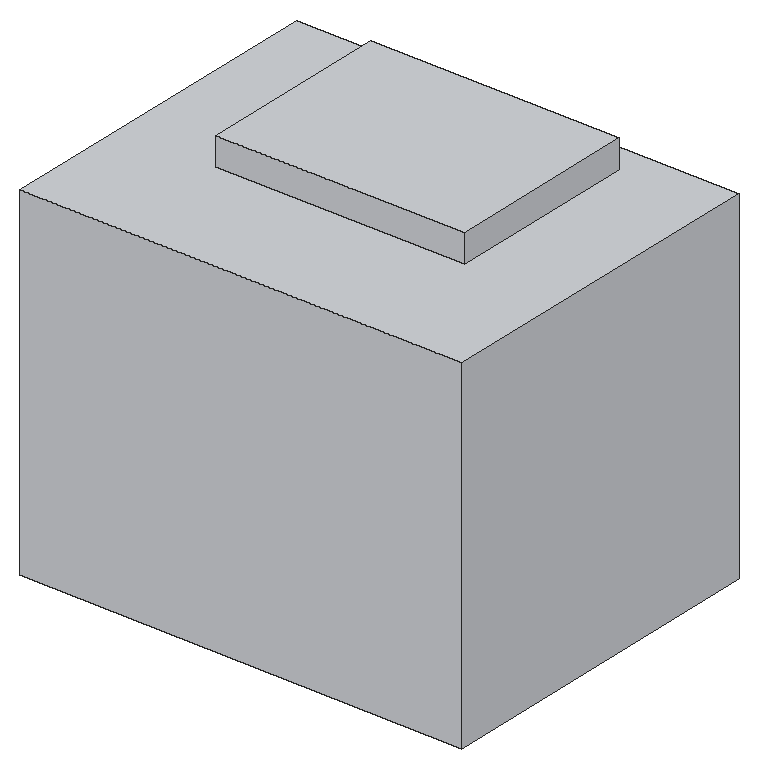
Revit family "M_Caixa de mistura AHU - Economizador", category Equipamento mecânico, Revit 2019
Family settings
  Cota do conector redondo = Utilizar diâmetro
  Tipo de parte = Normal
  Número OmniClass = 23.75.35.14
  Título OmniClass = Air Handling Units
  ID de item do Seek = AHU Mixing Box - Economizer-0000-CAN-ENU
  Com base no plano de trabalho = Não
  Sempre na vertical = Sim
  Corte com vazios quando carregada = Não
  Compartilhado = Não
  Ponto de cálculo do ambiente = Não
Parameters (values of type "Para 0,3 metros quadrados de serpentina")
  Largura 1 = 50.8 mm
  Largura de saída do ar de fornecimento [instance] = 800 mm
  Altura de saída do ar de fornecimento [instance] = 625 mm
  Fluxo de saída do ar de fornecimento [instance] = 849.0 L/s
  Largura da saída do ar de retorno [instance] = 800 mm
  Altura da saída do ar de retorno [instance] = 625 mm
  Fluxo da saída do ar de retorno [instance] = 680.0 L/s
  Largura da entrada de ar fresco [instance] = 450 mm
  Altura da entrada de ar fresco [instance] = 350 mm
  Fluxo da entrada de ar fresco [instance] = 170.0 L/s
  Largura do economizador = 625 mm
  Material do economizador = none
  Comprimento do economizador = 800 mm
  Altura do economizador = 625 mm
  Queda de pressão do ar [instance] = 187.0 Pa
Types (17, lengths in mm): name | Largura 1 | Largura de saída do ar de fornecimento | Altura de saída do ar de fornecimento | Fluxo de saída do ar de fornecimento | Largura da saída do ar de retorno | Altura da saída do ar de retorno | Fluxo da saída do ar de retorno | Largura da entrada de ar fresco | Altura da entrada de ar fresco | Fluxo da entrada de ar fresco | Largura do economizador | Comprimento do economizador | Altura do economizador
  (no name) | 50.8 | 800 | 625 | 849.0 L/s | 800 | 625 | 680.0 L/s | 450 | 350 | 170.0 L/s | 625 | 800 | 625
  Para 0,3 metros quadrados de serpentina | 50.8 | 800 | 625 | 849.0 L/s | 800 | 625 | 680.0 L/s | 450 | 350 | 170.0 L/s | 625 | 800 | 625
  Para 9,3 metros quadrados de serpentina | 101.6 | 3850 | 3000 | 28300.0 L/s | 3850 | 3000 | 22700.0 L/s | 3700 | 1350 | 5660.0 L/s | 1500 | 3850 | 3000
  Para 0,6 metros quadrados de serpentina | 76.2 | 1100 | 700 | 1700.0 L/s | 1100 | 700 | 1360.0 L/s | 800 | 350 | 340.0 L/s | 700 | 1100 | 700
  Para 0,7 metros quadrados de serpentina | 101.6 | 1200 | 800 | 2270.0 L/s | 1200 | 800 | 1810.0 L/s | 850 | 350 | 453.0 L/s | 800 | 1200 | 800
  Para 0,9 metros quadrados de serpentina | 101.6 | 1500 | 850 | 2830.0 L/s | 1500 | 850 | 2270.0 L/s | 1400 | 500 | 566.0 L/s | 850 | 1500 | 850
  Para 1,1 metros quadrados de serpentina | 101.6 | 1600 | 950 | 3400.0 L/s | 1600 | 950 | 2700.0 L/s | 1500 | 500 | 680.0 L/s | 850 | 1600 | 950
  Para 1,3 metros quadrados de serpentina | 101.6 | 1700 | 1000 | 3960.0 L/s | 1700 | 1000 | 3170.0 L/s | 1600 | 500 | 793.0 L/s | 850 | 1700 | 1000
  Para 1,6 metros quadrados de serpentina | 101.6 | 1850 | 1100 | 4810.0 L/s | 1850 | 1100 | 3850.0 L/s | 1750 | 650 | 963.0 L/s | 850 | 1850 | 1110
  Para 2,0 metros quadrados de serpentina | 50.8 | 1900 | 1250 | 5950.0 L/s | 1900 | 1250 | 4760.0 L/s | 1800 | 750 | 1190.0 L/s | 850 | 1900 | 1250
  Para 2,3 metros quadrados de serpentina | 101.6 | 1950 | 1400 | 7080.0 L/s | 1950 | 1400 | 5660.0 L/s | 1800 | 800 | 1420.0 L/s | 1000 | 1950 | 1400
  Para 2,8 metros quadrados de serpentina | 101.6 | 2300 | 1400 | 8500.0 L/s | 2300 | 1400 | 6800.0 L/s | 2150 | 800 | 1700.0 L/s | 1000 | 2300 | 1400
  Para 3,3 metros quadrados de serpentina | 101.6 | 2400 | 1550 | 9910.0 L/s | 2400 | 1500 | 7930.0 L/s | 2250 | 900 | 1980.0 L/s | 1200 | 2400 | 1550
  Para 3,7 metros quadrados de serpentina | 101.6 | 2750 | 1550 | 11300.0 L/s | 2750 | 1550 | 9060.0 L/s | 2500 | 900 | 2270.0 L/s | 1200 | 2750 | 1550
  Para 4,6 metros quadrados de serpentina | 101.6 | 3000 | 1850 | 14200.0 L/s | 3000 | 1850 | 11300.0 L/s | 2850 | 900 | 2830.0 L/s | 1200 | 3000 | 1850
  Para 6,1 metros quadrados de serpentina | 101.6 | 3500 | 2300 | 18690.0 L/s | 350 | 2330 | 15000.0 L/s | 3300 | 1050 | 3740.0 L/s | 1250 | 3500 | 2300
  Para 7,4 metros quadrados de serpentina | 101.6 | 3500 | 2750 | 22700.0 L/s | 3500 | 2750 | 18100.0 L/s | 3400 | 1200 | 4530.0 L/s | 1350 | 3500 | 2750
Reference planes
  plane 1 "Centro (Frente/Trás)": y = 0
  plane 2: z = 0
  plane 3 "Centro (Esquerda/Direita)": x = 0
  plane 4: y = 625
  plane 5: x = -400
  plane 6: x = 400
  plane 7: z = 625
  plane 8: y = 574.2
  plane 9: x = -225
  plane 10: x = 225
  plane 11: y = 224.2
  plane 12: z = 675.8
Forms (mm)
  Extrusion 1, solid, material <- "Material do economizador"
    sketch origin (0, 0, 0) x (1, 0, 0) y (0, 1, 0)
      loop
        line (-400, 625) -> (-400, 0) -> (400, 0) -> (400, 625) -> (-400, 625)
    from 0 to 625
  Extrusion 2, solid, material <- "Material do economizador"
    sketch origin (0, 0, 0) x (1, 0, 0) y (0, 1, 0)
      loop
        line (-225, 574.2) -> (-225, 224.2) -> (225, 224.2) -> (225, 574.2) -> (-225, 574.2)
    from 625 to 675.8
Cuts and joins
  joined: Extrusion 1, Extrusion 2
Dimensions and locks
  equal spacing: plane 5, plane 3 "Centro (Esquerda/Direita)", plane 6
  "Comprimento do economizador": plane 5 to plane 6
  "Largura do economizador": plane 1 "Centro (Frente/Trás)" to plane 4
  "Altura do economizador": plane 7 to plane 2
  "Largura 1": plane 4 to plane 8
  equal spacing: plane 9, plane 3 "Centro (Esquerda/Direita)", plane 10
  "Largura da entrada de ar fresco": plane 9 to plane 10
  "Altura da entrada de ar fresco": plane 8 to plane 11
  locked: plane 12 to plane 7 at 50.8
  aligned and locked: plane 5 to Extrusion 1 sketch curve
  aligned and locked: Extrusion 1 sketch curve to plane 4
  aligned and locked: plane 1 "Centro (Frente/Trás)" to Extrusion 1 sketch curve
  aligned and locked: Extrusion 1 sketch curve to plane 6
  aligned and locked: Extrusion 1 to plane 2
  aligned and locked: plane 7 to Extrusion 1
  aligned and locked: plane 9 to Extrusion 2 sketch curve
  aligned and locked: Extrusion 2 sketch curve to plane 8
  aligned and locked: plane 11 to Extrusion 2 sketch curve
  aligned and locked: Extrusion 2 sketch curve to plane 10
  aligned and locked: plane 12 to Extrusion 2
  aligned and locked: Extrusion 2 to plane 7
Connectors
  hvac at (0, 625, 312.5), driven by "Altura da saída do ar de retorno", driven by "Largura da saída do ar de retorno", driven by "Fluxo da saída do ar de retorno"
    settings: on cut or joined group of Extrusion 1, Extrusion 2, index 1, duct flow 680.0 L/s, flow factor 0, pres drop 0.0 Pa, loss coef 0, conn angle 0.00°, conn width 800 mm, conn height 625 mm, conn diameter 609.6 mm, duct sys type 2, conn prof type 1, flow config 0, flow direction 1, loss method 4, conn ref index -1, conn util no, is conn primary yes, conn desc ""
  hvac at (0, 0, 312.5), driven by "Altura de saída do ar de fornecimento", driven by "Largura de saída do ar de fornecimento", driven by "Queda de pressão do ar", driven by "Fluxo de saída do ar de fornecimento"
    settings: on cut or joined group of Extrusion 1, Extrusion 2, index 2, duct flow 849.0 L/s, flow factor 0, pres drop 187.0 Pa, loss coef 0, conn angle 0.00°, conn width 800 mm, conn height 625 mm, conn diameter 609.6 mm, duct sys type 1, conn prof type 1, flow config 0, flow direction 2, loss method 4, conn ref index -1, conn util no, is conn primary no, conn desc ""
  hvac at (0, 399.2, 675.8), driven by "Altura da entrada de ar fresco", driven by "Largura da entrada de ar fresco", driven by "Fluxo da entrada de ar fresco"
    settings: on cut or joined group of Extrusion 1, Extrusion 2, index 3, duct flow 170.0 L/s, flow factor 0, pres drop 0.0 Pa, loss coef 0, conn angle 0.00°, conn width 450 mm, conn height 350 mm, conn diameter 609.6 mm, duct sys type 2, conn prof type 1, flow config 0, flow direction 1, loss method 4, conn ref index -1, conn util no, is conn primary no, conn desc ""
